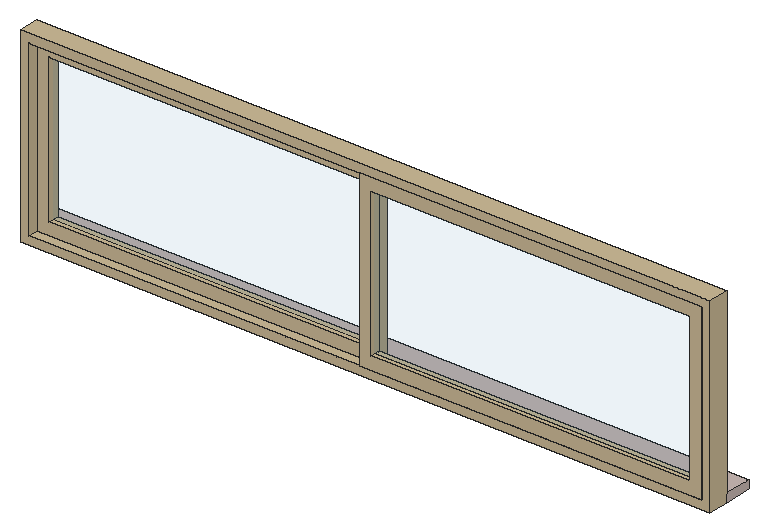
Revit family "2.00x0.55_Kt Window", category Windows, host Wall, Revit 2021
Family settings
  Host = Wall
  Always vertical = Yes
  Cut with Voids When Loaded = No
  Shared = No
  Room Calculation Point = No
Parameters (values of type "1200/1200")
  Height = 550 mm
  Define Thermal Properties by = Schematic Type
  Default Sill Height = 800 mm
  Wall Closure = By host
  Width = 2000 mm
  Analytic Construction = "<None>"
Types (6, lengths in mm): name | Height | Width
  1200/1200 | 550 | 2000
  2 x 0.6 | 600 | 2060
  2 X 2 | 2060 | 2060
  1 X 2 | 2060 | 1060
  1.5 X 2 | 2060 | 1560
  1.5 X 1.5 | 1560 | 1560
Reference planes
  plane 1: y = 0.5
  plane 2 "Center": x = 0
  plane 3 "Left": x = -1000
  plane 4 "Right": x = 1000
  plane 5 "Sill": z = 800
  plane 6 "Head": z = 1350
  plane 7: y = 10.981
  plane 8: z = 1300
  plane 9: z = 850
  plane 10: x = -950
  plane 11: x = 950
  plane 12: z = 825
  plane 13: z = 1400
Forms (mm)
  Extrusion 1, solid, material "Default Sill", detail levels fine
    sketch origin (0, 0.519, 0) x (0, 0, -1) y (1, 0, 0)
      loop
        line (-825, 1000) -> (-825, -1000) -> (-800, -1000) -> (-800, 1000) -> (-825, 1000)
    from -104.481 to -25.944
  Extrusion 2, solid, material "Default Frame"
    sketch origin (0, 41, 0) x (0, 0, -1) y (1, 0, 0)
      loop
        line (-1350, -1000) -> (-800, -1000) -> (-800, 1000) -> (-1350, 1000) -> (-1350, -1000)
      loop
        line (-1325, -975) -> (-825, -975) -> (-825, 975) -> (-1325, 975) -> (-1325, -975)
    from 14.538 to 74.538
  Extrusion 3, solid, material "Default Frame"
    sketch origin (0, 0, 0) x (0, 0, -1) y (1, 0, 0)
      loop
        line (-825, -975) -> (-825, 15) -> (-1325, 15) -> (-1325, -975) -> (-825, -975)
      loop
        line (-860, -940) -> (-860, -15) -> (-1290, -15) -> (-1290, -940) -> (-860, -940)
    from -26.462 to 3.538
  Extrusion 4, solid, material "Default Frame"
    sketch origin (0, -3.538, 0) x (0, 0, -1) y (1, 0, 0)
      loop
        line (-1325, 975) -> (-1325, -15) -> (-825, -15) -> (-825, 975) -> (-1325, 975)
      loop
        line (-860, 15) -> (-860, 940) -> (-1290, 940) -> (-1290, 15) -> (-860, 15)
    from 0 to 30
  Extrusion 5, solid, material "Glass"
    sketch origin (0, -18.538, 0) x (0, 0, -1) y (1, 0, 0)
      loop
        line (-1290, 940) -> (-1290, 15) -> (-860, 15) -> (-860, 940) -> (-1290, 940)
    from 0 to 1
  Extrusion 6, solid, material "Glass"
    sketch origin (0, 10.981, 0) x (0, 0, -1) y (1, 0, 0)
      loop
        line (-1290, -15) -> (-1290, -940) -> (-860, -940) -> (-860, -15) -> (-1290, -15)
    from 0 to 1
Lines and regions (mm)
  Opening 1
    outline origin (-5000, -75, 0) x (1, 0, 0) y (0, 0, 1)
      loop
        line (6000, 800) -> (6000, 1350) -> (4000, 1350) -> (4000, 800) -> (6000, 800)
  symbolic lines, style "WindowsFrameMullionProjection"
    curve 1: line (0, 26.462, 0) -> (0, -33.538, 0)
  symbolic lines, style "Plan Swing"
    curve 2: line (762.249, 0.5, 0) -> (859.142, 26.462, 0)
    curve 3: line (859.142, 26.462, 0) -> (859.142, -33.538, 0)
    curve 4: line (762.249, 0.5, 0) -> (859.142, -33.538, 0)
Text (mm)
  text "EXTERIOR" at (-3259.869, 1332.353, 0), in view "Ref. Level"
  text "INTERIOR" at (-3259.869, -818.386, 0), in view "Ref. Level"
  text "Exterior" at (0, 923.751, 4164.757), in view "Right"
  text "Exterior" at (0, 2113.942, 4068.519), in view "Left"
Dimensions and locks
  equal spacing: plane 3 "Left", plane 2 "Center", plane 4 "Right"
  "Width": plane 3 "Left" to plane 4 "Right"
  "Height": plane 5 "Sill" to plane 6 "Head"
  "Default Sill Height": plane 5 "Sill" to level
  locked: plane 3 "Left" to plane 10 at 50
  locked: plane 11 to plane 4 "Right" at 50
  locked: plane 9 to plane 5 "Sill" at 50
  locked: plane 6 "Head" to plane 8 at 50
  locked: plane 5 "Sill" to plane 12 at 25
  locked: Extrusion 1 to host wall at 30
  locked: plane 4 "Right" to Extrusion 2 sketch curve at 25
  locked: plane 3 "Left" to Extrusion 2 sketch curve at 25
  locked: Extrusion 2 sketch curve to plane 5 "Sill" at 25
  locked: Extrusion 2 to plane 7 at 15.481
  locked: Extrusion 2 sketch curve to plane 6 "Head" at 25
  locked: plane 1 to plane 7 at 10.481
  Extrusion 3 sketch curve to plane 2 "Center" to Extrusion 3 sketch curve = 15 mm locked, 15 mm locked
  Extrusion 3 sketch curve to plane 10 to Extrusion 2 = 10 mm locked, 25 mm locked
  locked: plane 9 to Extrusion 3 sketch curve at 10
  locked: Extrusion 3 sketch curve to plane 8 at 10
  locked: Extrusion 2 to Extrusion 2 at 60
  locked: Extrusion 2 to Extrusion 3 at 30
  locked: Extrusion 2 to Extrusion 4 at 30
  Extrusion 3 to Extrusion 6 to Extrusion 6 = 15.481 mm locked, 1 mm locked
  Extrusion 4 to Extrusion 5 to Extrusion 5 = 14 mm locked, 1 mm locked
  locked: curve 4 to plane 4 "Right" at 237.751
  locked: curve 3 to plane 4 "Right" at 140.858
  aligned and locked: Extrusion 1 to Extrusion 2
  aligned and locked: Extrusion 3 to Extrusion 1
  aligned and locked: Extrusion 2 to Extrusion 4
  aligned and locked: Extrusion 4 sketch curve to Extrusion 3
Automatic sketch dimensions
  Extrusion 1 sketch curve to plane 3 "Left" = 0 mm
  Extrusion 1 sketch curve to plane 12 = 0 mm
  Extrusion 1 sketch curve to plane 4 "Right" = 0 mm
  Extrusion 1 sketch curve to plane 5 "Sill" = 0 mm
  Extrusion 2 sketch curve to plane 4 "Right" = 0 mm
  Extrusion 2 sketch curve to plane 6 "Head" = 0 mm
  Extrusion 2 sketch curve to plane 5 "Sill" = 0 mm
  Extrusion 2 sketch curve to plane 3 "Left" = 0 mm
  Opening 1 sketch curve to plane 3 "Left" = 0 mm
  Opening 1 sketch curve to plane 4 "Right" = 0 mm
  Opening 1 sketch curve to plane 5 "Sill" = 0 mm
  Opening 1 sketch curve to plane 6 "Head" = 0 mm
  Extrusion 3 sketch curve to plane 12 = 0 mm
  plane 6 "Head" to Extrusion 3 sketch curve = 25 mm
  Extrusion 3 sketch curve to plane 3 "Left" = 25 mm
  Extrusion 4 sketch curve to plane 12 = 0 mm
  Extrusion 4 sketch curve to plane 9 = 10 mm
  plane 8 to Extrusion 4 sketch curve = 10 mm
  plane 6 "Head" to Extrusion 4 sketch curve = 25 mm
  plane 2 "Center" to Extrusion 4 sketch curve = 15 mm
  plane 11 to Extrusion 4 sketch curve = 10 mm
  plane 4 "Right" to Extrusion 4 sketch curve = 25 mm
  plane 8 to Extrusion 5 sketch curve = 10 mm
  Extrusion 5 sketch curve to plane 9 = 10 mm
  plane 2 "Center" to Extrusion 5 sketch curve = 15 mm
  plane 11 to Extrusion 5 sketch curve = 10 mm
  plane 8 to Extrusion 6 sketch curve = 10 mm
  Extrusion 6 sketch curve to plane 9 = 10 mm
  Extrusion 6 sketch curve to plane 10 = 10 mm
  Extrusion 6 sketch curve to plane 2 "Center" = 15 mm
  curve 1 to plane 2 "Center" = 0 mm
  curve 4 to plane 1 = 0 mm
  host wall to curve 3 = 33.538 mm
  host wall to curve 1 = 33.538 mm
  curve 1 to plane 7 = 15.481 mm
  curve 3 to plane 7 = 15.481 mm
